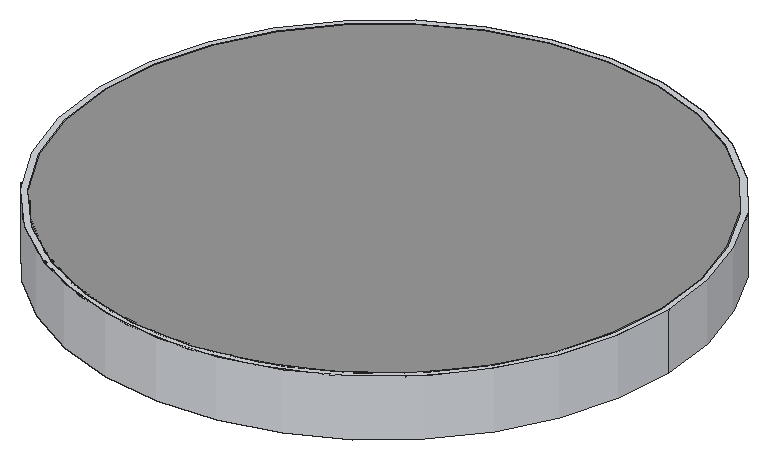
Revit family "2071221", category Lighting Fixtures, host Face, Revit 2018
Family settings
  Host = Face
  Round Connector Dimension = Use Diameter
  Part Type = Normal
  OmniClass Number = 23.80.70.00
  OmniClass Title = Lighting
  Cut with Voids When Loaded = No
  Light Source = Yes
  Shared = No
  Room Calculation Point = No
Parameters (values of type "2071221 COLOSSAL 600 940 OP DIR+H WHT")
  iner diameter = 588 mm
  Weight = "n/a"
  Wattage Comments = ""
  Wattage = 30 W
  WarrantyStartDate [instance] = "n/a"
  WarrantyGuarantorParts = "n/a"
  WarrantyDurationUnit = "n/a"
  WarrantyDurationParts = ""
  WarrantyDescription = "http://www.sylvania-lighting.com"
  built-in parameter 1150110 = 1 (stored number, unit not read)
  Voltage = 230 V
  URL = "0.95"
  TypeName = "COLOSSAL 600mm 940 OPAL DIR+HAL WHITE"
  Type Image = <None>
  Type Comments = "n/a"
  built-in parameter 1114217 = 1 (stored number, unit not read)
  Tilt Angle = -90.00°
  built-in parameter 1150109 = 1 (stored number, unit not read)
  built-in parameter 1150134 = (empty or 0)
  built-in parameter 1150113 = 1 (stored number, unit not read)
  SerialNumber [instance] = "n/a"
  Photometric Web File = "2071221.ies"
  Material_3_SYL = LED-Sylvania
  PowerFactor = 0
  PowerConsumption = "Lighting"
  NominalLength = 600 mm
  NominalHeight = 93 mm
  NominalDepth = 600 mm
  Name = "COLOSSAL 600mm 940 OPAL DIR+HAL WHITE"
  ModelReference = Name  # "COLOSSAL 600mm 940 OPAL DIR+HAL WHITE"
  ModelNumber = "2071221"
  Model = Name  # "COLOSSAL 600mm 940 OPAL DIR+HAL WHITE"
  Material = "Feilo Sylvania"
  ManufacturerName = "114 lm/W"
  Manufacturer = ""
  LuminousEfficacy = ""
  built-in parameter 1150105 = 270.44 (stored number, unit not read)
  Lumens = 3398.4 lm
  LuminaireType = "0"
  built-in parameter 1150115 = 1 (stored number, unit not read)
  LightOutputRatio = "LED"
  built-in parameter 1150137 = (empty or 0)
  built-in parameter 1150139 = (empty or 0)
  LampsType = Lamp  # "n/a"
  LampNominalLuminous = "4000 K"
  LampMacAdamStep = "90"
  LampColourTemperature = "LED"
  LampColourRenderingIndex = "16500"
  built-in parameter 1150112 = 1 (stored number, unit not read)
  built-in parameter 1150114 = 1 (stored number, unit not read)
  Lamp = "n/a"
  Keynote = "n/a"
  InstallationDate [instance] = "n/a"
  InputVoltage = "0"
  InputNominalFrequency = "4000"
  built-in parameter 1150132 = (empty or 0)
  built-in parameter 1150102 = (empty or 0)
  built-in parameter 1150107 = 3000 (stored number, unit not read)
  built-in parameter 1150138 = (empty or 0)
  IngressProtection = "IfcLightFixtureType"
  ImpactProtectionIndex = "IfcLightFixtureType"
  built-in parameter 1150106 = 2.7044 (stored number, unit not read)
  IfcExportType = "IfcLightFixtureType"
  IfcExportAs = "Class I"
  Emit from Circle Diameter = 385 mm
  Emit Shape Visible in Rendering = no
  ElectricShockClassification = "114"
  built-in parameter 1150104 = 10.524 (stored number, unit not read)
  DocumentationLiterature = "http://www.sylvania-lighting.com/product/en-int/products/2071221"
  DimmingControlOptions = "n/a"
  Material_2_SYL = Polycarbonate_Sylvania_White
  Dimming Lamp Color Temperature Shift = <None>
  Description = "600mm diameter circular architectural luminaire, can be surface mounted or suspended. Powder coated aluminium housing (RAL9016) with polycarbonate opal diffuser. Direct/indirect (halo) light distribution, 4635lm luminuous flux, 40.6W system power, 114lm/W luminiaire efficacy. Constant current driver. Colour rendering index Ra >90, 4000K Neutral White LED, chromaticity tolerance of 3-step MacAdam ellipse. IP40, IK03. 450mA drive current. Electrical protection Class1, 220-240V. Reported lifetime 66k hours L90B10."
  Default Elevation = 1219.2 mm
  CreatedOn = "23/03/2022"
  CreatedBy = "@sylvania-lighting.com"
  Cost = 0
  Color Filter = 16777215
  built-in parameter 1114216 [instance] = (empty or 0)
  ClassificationValue = "EF_70_80"
  ClassificationName = "Uniclass2015"
  Material_1_SYL = Polycarbonate_Sylvania_Opal
  BarCode [instance] = "n/a"
  built-in parameter 1114218 = 1 (stored number, unit not read)
  built-in parameter 1150133 = 10 (stored number, unit not read)
  AssetType = "Fixed"
  AssetIdentifier [instance] = "n/a"
  Assembly Code = "D5020200"
  Apparent Load = 40.6 VA
  Material_4_SYL = none
Reference planes
  plane 1 "Center (Front/Back)": y = 0
  plane 2: z = 0
  plane 3 "Center (Left/Right)": x = 0
  plane 4: x = -300
  plane 5: x = 300
  plane 6: y = 300
  plane 7: y = -300
  plane 8: y = 212
  plane 9: y = -212
  plane 10: z = 93
  plane 11: y = 294
  plane 12: y = -294
  plane 13: through (0, 0, 1219.2) normal (0.5, -0.866, 0)
  plane 14: through (-134.29, 20.617, 1219.2) normal (0.5, -0.866, 0)
  plane 15: through (-144.685, -181.683, 1219.2) normal (-0.5, 0.866, 0)
  plane 16: through (0, 0, 1219.2) normal (0.5, 0.866, 0)
  plane 17: through (178.555, -4.939, 1219.2) normal (0.5, 0.866, 0)
  plane 18: through (87.581, -148.715, 1219.2) normal (0.5, 0.866, 0)
  plane 19: y = 272
  plane 20: through (105.168, 227.067, 1219.2) normal (0.866, 0.5, 0)
  plane 21: through (-104.171, 225.672, 1219.2) normal (0.8572, -0.515, 0)
  plane 22: y = -204.612
  plane 23: through (-296.643, -30.2, 1219.2) normal (0.866, 0.5, 0)
  plane 24: through (153.092, -278.837, 1219.2) normal (-0.866, 0.5, 0)
Forms (mm)
  Extrusion 1, solid, detail levels medium+fine
    sketch origin (0, 0, 0) x (1, 0, 0) y (0, 1, 0)
      loop
        circle (0, 0) r 300
    from 33.023 to 93
  Extrusion 2, void
    sketch origin (0, 0, 0) x (1, 0, 0) y (0, 1, 0)
      loop
        circle (0, 0) r 294
    from 93 to 37.292
  Extrusion 3, solid, material "Glass, White, High Luminance", detail levels fine
    sketch origin (0, 0, 0) x (1, 0, 0) y (0, 1, 0)
      loop
        circle (0, 0) r 294
    from 88.026 to 93
  Extrusion 4, solid, detail levels coarse
    sketch origin (0, 0, 0) x (1, 0, 0) y (0, 1, 0)
      loop
        line (-300, 300) -> (-300, -300) -> (300, -300) -> (300, 300) -> (-300, 300)
    from 0 to 93
  Blend 5, solid, detail levels medium+fine
    base sketch origin (0, 0, 0) x (1, 0, 0) y (0, 1, 0)
      loop
        line (-76.334, 272) -> (-277.665, -63.07) -> (-195.946, -204.612) -> (195.946, -204.612) -> (275.172, -67.388) -> (79.226, 272) -> (-76.334, 272)
    top sketch origin (0, 0, 0) x (1, 0, 0) y (0, 1, 0)
      loop
        line (-226.097, -32.388) -> (-141.097, -179.612) -> (141.097, -179.612) -> (226.097, -32.388) -> (85, 212) -> (-85, 212) -> (-226.097, -32.388)
    from 33.023 to 0
Cuts and joins
  Extrusion 2 cuts Extrusion 1
Lines and regions (mm)
  model lines
    curve 1: line (-85, 212, 0) -> (0, 212, 0)
    curve 2: line (0, 212, 0) -> (85, 212, 0)
Dimensions and locks
  "NominalDepth": plane 6 to plane 7
  "NominalLength": plane 4 to plane 5
  equal spacing: plane 4, plane 3 "Center (Left/Right)", plane 5
  "iner diameter": plane 11 to plane 12
  equal spacing: plane 11, plane 1 "Center (Front/Back)", plane 12
  equal spacing: plane 6, plane 1 "Center (Front/Back)", plane 7
  "NominalHeight": plane 10 to level
  radius of Extrusion 2 sketch curve = 294 mm
  aligned and locked: plane 2 to host face
  aligned and locked: level to host face
Automatic sketch dimensions
  host sketch curve to host sketch curve = 2438.4 mm  (x2)
  plane 1 "Center (Front/Back)" to Extrusion 1 sketch curve = 0 mm
  Extrusion 1 sketch curve to plane 3 "Center (Left/Right)" = 0 mm
  plane 1 "Center (Front/Back)" to Extrusion 2 sketch curve = 0 mm
  Extrusion 2 sketch curve to plane 3 "Center (Left/Right)" = 0 mm
  plane 1 "Center (Front/Back)" to Extrusion 3 sketch curve = 0 mm
  Extrusion 3 sketch curve to plane 3 "Center (Left/Right)" = 0 mm
  Extrusion 4 sketch curve to plane 4 = 0 mm
  Extrusion 4 sketch curve to plane 5 = 0 mm
  Extrusion 4 sketch curve to plane 7 = 0 mm
  Extrusion 4 sketch curve to plane 6 = 0 mm
  Blend 5 sketch curve to plane 8 = 0 mm
  Blend 5 sketch curve to plane 3 "Center (Left/Right)" = 85 mm
  plane 3 "Center (Left/Right)" to Blend 5 sketch curve = 85 mm
  plane 9 to Blend 5 sketch curve = 32.388 mm
  plane 3 "Center (Left/Right)" to Blend 5 sketch curve = 141.097 mm
  plane 1 "Center (Front/Back)" to Blend 5 sketch curve = 32.388 mm  (x2)
  Blend 5 sketch curve to plane 5 = 73.903 mm
  Blend 5 sketch curve to plane 3 "Center (Left/Right)" = 141.097 mm
  plane 4 to Blend 5 sketch curve = 73.903 mm
  curve 1 to plane 8 = 0 mm
  curve 2 to plane 3 "Center (Left/Right)" = 0 mm
  curve 1 to plane 3 "Center (Left/Right)" = 85 mm
  curve 1 to curve 2 = 85 mm
  Blend 5 sketch curve to plane 21 = 0 mm
  Blend 5 sketch curve to plane 23 = 0 mm  (x2)
  Blend 5 sketch curve to plane 22 = 0 mm
  Blend 5 sketch curve to plane 19 = 0 mm
  plane 21 to Blend 5 sketch curve = 0 mm
  Blend 5 sketch curve to plane 20 = 0 mm  (x2)
  Blend 5 sketch curve to plane 24 = 0 mm  (x2)
  radius of Extrusion 1 sketch curve = 300 mm
  radius of Extrusion 3 sketch curve = 294 mm
Connectors
  electrical at (0, 0, 0), driven by "Apparent Load", driven by "PowerFactor", driven by "Voltage"
    settings: index 1, voltage 230 V, apparent load 40.6 VA, apparent load phase1 0 VA, apparent load phase2 0 VA, apparent load phase3 0 VA, power factor 0, load classification "Lighting", number of poles 1, system type 30, power factor state 1, is connector primary yes, connector utility no, sub classification motor no, connector description ""
